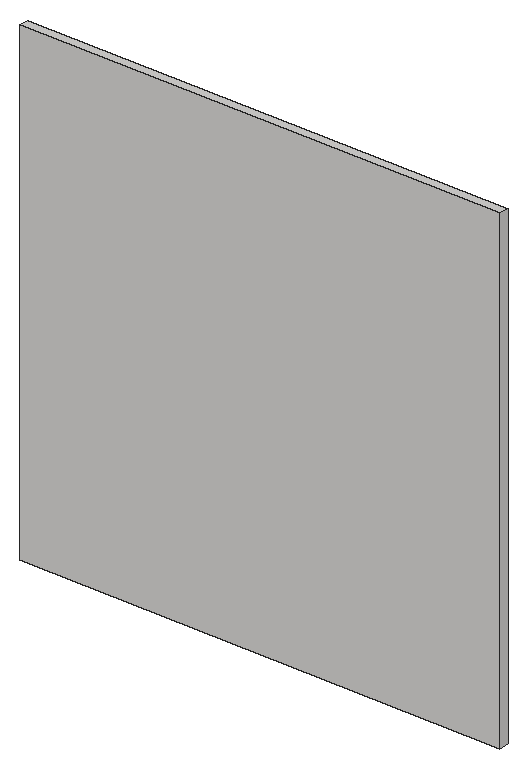
Revit family "PISO PARED HEXAGONO CELTA MULTICOLOR CU_266101791", category Modelos genéricos, Revit 2024
Family settings
  Puede alojar armadura = No
  Cota de conector redondo = Usar diámetro
  Tipo de pieza = Normal
  Se basa en plano de trabajo = No
  Siempre vertical = Sí
  Corte con vacíos al cargar = No
  Mantener orientación de anotación = No
  Compartido = No
  Punto de cálculo de habitación = No
Parameters
  Elevación por defecto = 0 mm
Reference planes
  plane 1 "Center (Front/Back)": y = 0
  plane 2: z = 0
  plane 3 "Center (Left/Right)": x = 0
Forms (mm)
  Extrusion 1, solid, material "Analytical Panels"
    sketch origin (0, 0, 0) x (1, 0, 0) y (0, 1, 0)
      loop
        line (-1366.384, -136.448) -> (-1366.384, -194.576) -> (1633.616, -194.576) -> (1633.616, -136.448) -> (-1366.384, -136.448)
    from 0 to 3000
Dimensions and locks
  Extrusion 1 sketch curve to Extrusion 1 sketch curve = 58.128 mm
  Extrusion 1 to Extrusion 1 = 3000 mm  (x2)
  aligned and locked: level to plane 2
